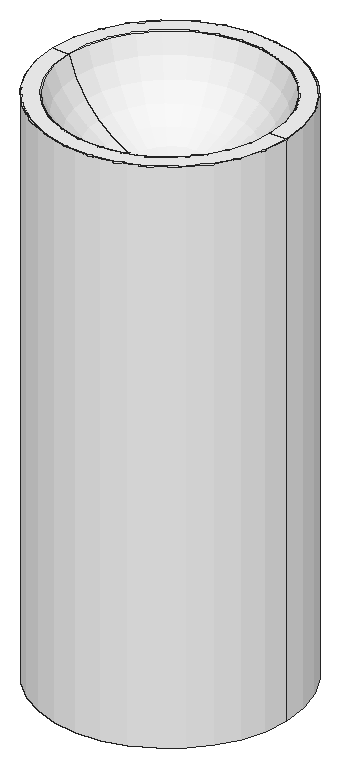
Revit family "Reece_Basin_Alape_Circa_Freestanding Basin_404 mm", category Plumbing Fixtures, Revit 2018
Family settings
  Round Connector Dimension = Use Diameter
  Part Type = Normal
  Work Plane-Based = Yes
  Always vertical = Yes
  Cut with Voids When Loaded = Yes
  Shared = Yes
  Room Calculation Point = Yes
Parameters (values of type "7 L_Enamelled Glazed Steel_White")
  URL = "https://www.reece.com.au/product/-9503277"
  Type Comments = "Basin"
  Reece_Product_Web Page = "https://www.reece.com.au/product/-9503277"
  Reece_Product_Type = "Basin"  # constant formula
  Reece_Product_Sub Brand = "Circa"  # constant formula
  Reece_Product_Number = "9503277"
  Reece_Product_Mount = "Freestanding"
  Reece_Product_Description = "Alape Circa Freestanding Basin 400mm White"
  Reece_Product_Brand = "Alape"  # constant formula
  Reece_Overall_Width = 404 mm  # constant formula
  Reece_Overall_Height = 900 mm  # constant formula
  Reece_Overall_Capacity = 7.00 L  # constant formula
  Reece_Material_Main = Reece_Metal_Glazed Steel_White
  Reece_Detail_Installation = "Freestanding Basin"  # constant formula
  Reece_Detail_Disclaimer = "THIS FILE IS THE PROPERTY OF THE REECE GROUP. IT MAY NOT BE REPRODUCED, REVERSE-ENGINEERED OR MODIFIED. ANY REPUBLICATION, TRANSMISSION OR DISTRIBUTION FOR THE PURPOSE OF COMMERCIALLY EXPLOITING THE FILES IS PROHIBITED."  # constant formula
  Reece_Detail_Connector = "No Taphole"  # constant formula
  Reece_Basin_Outlet = 32 mm  # constant formula
  Model = "Circa"
  Manufacturer = "Alape"
  Keynote = "Product #9503277, Reece_Basin_Alape_Circa_Freestanding Basin_404 mm - 7 L_Enamelled Glazed Steel_White"
  Disclaimer = "THIS FILE IS THE PROPERTY OF THE REECE GROUP. IT MAY NOT BE REPRODUCED, REVERSE-ENGINEERED OR MODIFIED. ANY REPUBLICATION, TRANSMISSION OR DISTRIBUTION FOR THE PURPOSE OF COMMERCIALLY EXPLOITING THE FILES IS PROHIBITED."  # constant formula
  Description = "Alape Circa Freestanding Basin 400mm White"
  Default Elevation = 0 mm
Types (2, lengths in mm): name | Keynote
  (no name) | "Product #9503277, Reece_Basin_Alape_Circa_Freestanding Basin_404 mm -  "
  7 L_Enamelled Glazed Steel_White | "Product #9503277, Reece_Basin_Alape_Circa_Freestanding Basin_404 mm - 7 L_Enamelled Glazed Steel_White"
Reference planes
  plane 1 "Center (Front/Back)": y = -23
  plane 2 "Bottom Host Plane": z = 0
  plane 3 "Center (Left/Right)": x = 0
  plane 4 "Top Host Plane": z = 900
  plane 5: x = 187
  plane 6: x = -187
  plane 7: x = -202
  plane 8: x = 202
  plane 9: y = -225
  plane 10: y = 179
  plane 11: z = 765
Forms (mm)
  Revolve 1, solid, material "Reece_Metal_Glazed Steel_White" <- "Reece_Material_Main"
    sketch origin (0, -23, 799.947) x (1, 0, 0) y (0, 0, 1)
      loop
        line (0, -39.947) -> (0, -23.315)
        arc (0, -23.315) -> (-16.811, -24.202) -> (-33.349, -27.346) r 124.634
        arc (-33.349, -27.346) -> (-34.341, -26.922) -> (-35, -27.775) r 0.881
        line (-35, -27.775) -> (-35, -28.581) -> (-20, -28.581) -> (-20, -39.947) -> (0, -39.947)
      axis (0, -39.947) -> (0, -23.315)
    angle from 0 to 360
  Revolve 2, solid, material "Reece_Metal_Glazed Steel_White" <- "Reece_Material_Main"
    sketch origin (-0.001, -23, 0) x (1, 0, 0) y (0, 0, 1)
      loop
        arc (176.105, 900) -> (175.201, 896.826) -> (174.239, 893.669) r 181.094
        line (174.239, 893.669) -> (195.001, 893.669) -> (195.001, 10) -> (20.001, 10) -> (20.001, 0) -> (202.001, 0) -> (202.001, 899.478)
        arc (202.001, 899.478) -> (201.848, 899.847) -> (201.479, 900) r 0.522
        line (201.479, 900) -> (176.105, 900)
      axis (0, 900) -> (0, 0)
    angle from 0 to 360
  Revolve 3, solid, material "Reece_Metal_Glazed Steel_White" <- "Reece_Material_Main"
    sketch origin (0, -23, 550.366) x (1, 0, 0) y (0, 0, 1)
      loop
        line (29.347, 219.968) -> (22.723, 216.88)
        arc (22.723, 216.88) -> (21.711, 216.474) -> (20.661, 216.18) r 10
        line (20.661, 216.18) -> (20.661, 214.634)
        arc (20.661, 214.634) -> (23.228, 215.167) -> (25.682, 216.089) r 17
        line (25.682, 216.089) -> (32.107, 219.085)
        arc (32.107, 219.085) -> (123.47, 263.254) -> (176.729, 349.634) r 181.094
        line (176.729, 349.634) -> (175.143, 349.634)
        arc (175.143, 349.634) -> (174.753, 349.503) -> (174.522, 349.164) r 0.645
        arc (174.522, 349.164) -> (122.435, 265.015) -> (33.612, 221.375) r 179.094
        arc (33.612, 221.375) -> (31.831, 220.948) -> (30.112, 220.314) r 15.578
        arc (30.112, 220.314) -> (29.728, 220.144) -> (29.347, 219.968) r 34.588
      axis (0, 349.634) -> (0, 214.634)
    angle from 0 to 360
Cuts and joins
  joined: Revolve 2, Revolve 3
Lines and regions (mm)
  symbolic lines, style "PlumbingFixtures"
    curve 1: circle (0, -23, 0) r 175 normal (0, 0, 1)
Text (mm)
  text "Reece ©" at (2512.056, -2158.214, 3346.542), in view "Reece Preview"
  text "Reece Copyright © 2018, Reece Ltd." at (-494.319, -311.371, 0), in view "Ref. Level"
Dimensions and locks
  "Reece_Overall_Height": plane 4 "Top Host Plane" to level
  "Reece_Overall_Width": plane 7 to plane 8
  plane 1 "Center (Front/Back)" to plane 9 = 202 mm
  plane 11 to plane 4 "Top Host Plane" = 135 mm
  plane 4 "Top Host Plane" to plane 11 = 135 mm
Automatic sketch dimensions
  Revolve 1 sketch curve to plane 3 "Center (Left/Right)" = 0 mm  (x2)
  Revolve 1 sketch curve to plane 3 "Center (Left/Right)" = 1.858 mm
  Revolve 1 sketch curve to plane 3 "Center (Left/Right)" = 20 mm
  Revolve 1 sketch curve to Revolve 1 sketch curve = 14.119 mm
  Revolve 1 sketch curve to Revolve 1 sketch curve = 0.881 mm
  Revolve 1 sketch curve to Revolve 1 sketch curve = 0.806 mm
  Revolve 1 sketch curve to Revolve 1 sketch curve = 2.138 mm
  Revolve 1 sketch curve to Revolve 1 sketch curve = 5.266 mm
  Revolve 1 sketch curve to Revolve 1 sketch curve = 15 mm
  Revolve 1 sketch curve to Revolve 1 sketch curve = 107.988 mm
  Revolve 3 sketch curve to Revolve 3 sketch curve = 0 mm  (x5)
  Revolve 3 sketch curve to plane 3 "Center (Left/Right)" = 0 mm
  Revolve 3 sketch curve to plane 11 = 0 mm
  Revolve 3 sketch curve to plane 4 "Top Host Plane" = 0 mm
  plane 3 "Center (Left/Right)" to Revolve 3 sketch curve = 2.124 mm
  plane 3 "Center (Left/Right)" to Revolve 3 sketch curve = 18.497 mm
  Revolve 3 sketch curve to Revolve 3 sketch curve = 2.164 mm
  plane 11 to Revolve 3 sketch curve = 2.246 mm
  Revolve 3 sketch curve to Revolve 3 sketch curve = 2.062 mm
  plane 11 to Revolve 3 sketch curve = 1.454 mm
  Revolve 3 sketch curve to Revolve 3 sketch curve = 2.958 mm
  plane 11 to Revolve 3 sketch curve = 5.334 mm
  Revolve 3 sketch curve to Revolve 3 sketch curve = 3.665 mm
  plane 11 to Revolve 3 sketch curve = 4.451 mm
  Revolve 3 sketch curve to Revolve 3 sketch curve = 2.76 mm
  Revolve 3 sketch curve to Revolve 3 sketch curve = 4.244 mm
  Revolve 3 sketch curve to Revolve 3 sketch curve = 7.613 mm
  Revolve 3 sketch curve to plane 5 = 11.857 mm
  Revolve 3 sketch curve to plane 11 = 8.594 mm
  Revolve 3 sketch curve to Revolve 3 sketch curve = 17.419 mm
  Revolve 3 sketch curve to Revolve 3 sketch curve = 1.546 mm
  plane 4 "Top Host Plane" to Revolve 3 sketch curve = 0.645 mm
  Revolve 3 sketch curve to plane 4 "Top Host Plane" = 48.045 mm
  Revolve 3 sketch curve to Revolve 3 sketch curve = 21.397 mm
  Revolve 1 sketch curve to plane 11 = 112.988 mm
  plane 11 to Revolve 1 sketch curve = 6.366 mm
  Revolve 3 sketch curve to Revolve 3 sketch curve = 167.225 mm
  plane 1 "Center (Front/Back)" to curve 1 = 0 mm
  curve 1 to plane 3 "Center (Left/Right)" = 0 mm
  Revolve 2 sketch curve to level = 0 mm  (x2)
  Revolve 2 sketch curve to plane 4 "Top Host Plane" = 0 mm
  level to Revolve 2 sketch curve = 10 mm
  Revolve 2 sketch curve to plane 8 = 0 mm
  Revolve 2 sketch curve to plane 8 = 0.522 mm
  Revolve 2 sketch curve to Revolve 2 sketch curve = 18.896 mm
  plane 4 "Top Host Plane" to Revolve 2 sketch curve = 6.331 mm
  Revolve 2 sketch curve to Revolve 2 sketch curve = 1.866 mm
  plane 3 "Center (Left/Right)" to Revolve 2 sketch curve = 1.497 mm
  plane 3 "Center (Left/Right)" to Revolve 2 sketch curve = 20 mm
  Revolve 2 sketch curve to plane 3 "Center (Left/Right)" = 0.001 mm
  level to Revolve 2 sketch curve = 21.397 mm
  Revolve 2 sketch curve to plane 8 = 27.762 mm
  radius of curve 1 = 175 mm
Connectors
  piping at (0, -23, 760), diameter 32, driven by "Reece_Basin_Outlet"
    settings: on Revolve 1, index 2, connector inside diameter 609.6 mm, connector length 0 mm, flow factor 0, pipe flow 0.0 L/s, pressure drop 0.0 Pa, fitting loss kfactor 0, connector angle 0.00°, fixture units 0, engagement length 0 mm, angle of deflection 0.00°, flow configuration 0, flow direction 2, fitting loss method 0, system type 16, joint type 0, gender type 0, connector reference index -1, connector utility 0, adjustable connector no, is connector primary yes, connector description ""
